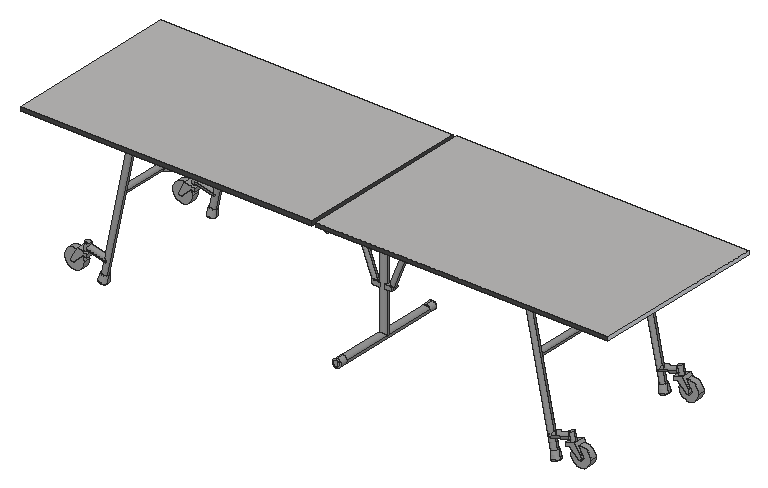
Revit family "23M Rect. 10 Long x 29 High", category Furniture, Revit 2016
Family settings
  OmniClass Number = 23.40.20.00
  OmniClass Title = General Furniture and Specialties
  Work Plane-Based = No
  Always vertical = Yes
  Cut with Voids When Loaded = No
  Shared = No
  Room Calculation Point = No
Parameters (values of type "23M15293610")
  Width = 3' - 0"
  Top [instance] = Palmer Hamilton Lt Gry
  Open [instance] = yes
  Model = "23M15293610"
  Length = 5' - 0"
  Frame [instance] = Palmer Hamilton - Frame
  Edge [instance] = Palmer Hamilton - Edge
  Closed [instance] = not(Open)  # no
Reference planes (in)
  plane 1 "Center Front/Back": y = 0
  plane 2: z = 0
  plane 3 "Center Left/Right": x = 0
  plane 4: x = -63.24988
Forms (in)
  Extrusion 1, solid, visible <- "Open"
    sketch origin (0, 0, 0) x (1, 0, 0) y (0, 1, 0)
      loop
        line (-60, 18) -> (-60, -18) -> (-0.375, -18) -> (-0.375, 18) -> (-60, 18)
    from 28.46537 to 29.28037
  Extrusion 2, solid, material "Palmer Hamilton - Frame" <- "Frame", visible <- "Open"
    sketch origin (0, 0, 0) x (1, 0, 0) y (0, 1, 0)
      loop
        line (-1, 14.5647) -> (-46, 14.5647) -> (-46, 14.4397) -> (-1, 14.4397) -> (-1, 14.5647)
      loop
        line (-1, -14.5647) -> (-1, -14.4397) -> (-46, -14.4397) -> (-46, -14.5647) -> (-1, -14.5647)
      loop
        line (-1, -2.9406) -> (-1, -2.8156) -> (-11.25, -2.8156) -> (-11.25, -2.9406) -> (-1, -2.9406)
      loop
        line (-11.25, 2.6994) -> (-11.25, 2.5744) -> (-1, 2.5744) -> (-1, 2.6994) -> (-11.25, 2.6994)
    from 26.71537 to 28.46537
  Extrusion 3, solid, material "Palmer Hamilton - Frame" <- "Frame", visible <- "Open"
    sketch origin (0, 0, 2) x (1, 0, 0) y (0, 0, 1)
      loop
        line (-1, 25.71687) -> (-1, 26.41783) -> (-2.2141, 26.41783) -> (-2.2141, 24.66783) -> (-1.68301, 24.66783) -> (-0.3125, 23.87657)
        arc (-0.3125, 23.87657) -> (0.54127, 24.10533) -> (0.3125, 24.9591) r 0.625
        line (0.3125, 24.9591) -> (-1, 25.71687)
    from 14.5647 to 14.6547
  Extrusion 4, solid, material "Palmer Hamilton - Frame" <- "Frame", visible <- "Open"
    sketch origin (0, 0, 2) x (1, 0, 0) y (0, 0, 1)
      loop
        line (-1, 25.71687) -> (-1, 26.41783) -> (-2.2141, 26.41783) -> (-2.2141, 24.66783) -> (-1.68301, 24.66783) -> (-0.3125, 23.87657)
        arc (-0.3125, 23.87657) -> (0.54127, 24.10533) -> (0.3125, 24.9591) r 0.625
        line (0.3125, 24.9591) -> (-1, 25.71687)
    from -14.4397 to -14.2345
  Extrusion 5, solid, material "Palmer Hamilton - Frame" <- "Frame", visible <- "Open"
    sketch origin (-9.0168, -1.84334, -5.25839) x (0.97817, 0, -0.207805) y (0, 1, 0)
      loop
        circle (-37.61218, -11.99504) r 0.625
    from -0.70646 to 25.54283
  Extrusion 6, solid, material "Palmer Hamilton - Frame" <- "Frame", visible <- "Open"
    sketch origin (-14.19545, -1.84334, -7.59113) x (0.96853, 0, -0.248899) y (0, 1, 0)
      loop
        circle (-37.61218, -11.99504) r 0.5
    from 3.24005 to 4.80312
  Extrusion 7, solid, material "Palmer Hamilton - Frame" <- "Frame", visible <- "Open"
    sketch origin (-6.74072, -1.84334, -8.39066) x (0, 1, 0) y (0.248899, 0, 0.96853)
      loop
        circle (-11.99504, 2.93123) r 0.625
    from -44.60154 to -40.56576
  Extrusion 8, solid, material "Palmer Hamilton - Steel", visible <- "Open"
    sketch origin (0, 0, 0) x (1, 0, 0) y (0, 0, 1)
      loop
        line (-52.03289, 3.19045) -> (-52.13109, 2.60323)
        arc (-52.13109, 2.60323) -> (-52.09644, 2.45601) -> (-51.96719, 2.37748) r 0.19565
        line (-51.96719, 2.37748) -> (-51.66391, 2.3319) -> (-49.7575, 4.11073) -> (-49.03037, 4.04579) -> (-48.86921, 4.64752) -> (-50.88816, 5.18826) -> (-52.03289, 3.19045)
    from 12.75797 to 14.81873
  Extrusion 9, solid, material "Palmer Hamilton - Caster", visible <- "Open"
    sketch origin (0, 0, 0) x (1, 0, 0) y (0, 0, 1)
      loop
        circle (-51.73769, 2.82768) r 2
    from 13.19373 to 14.44373
  Revolve 10, solid, material "Palmer Hamilton - Caster", visible <- "Open"
    sketch origin (-0.41094, -13.81873, 0.10396) x (1, 0, 0) y (0, 0, 1)
      loop
        line (-45.5482, 1.78014) -> (-46.23778, 1.92672) -> (-46.75081, 0.51718)
        arc (-46.75081, 0.51718) -> (-46.74816, 0.39542) -> (-46.66395, 0.30744) r 0.16803
        line (-46.66395, 0.30744) -> (-45.89593, 0.14419) -> (-45.5482, 1.78014)
      axis (-45.5482, 1.78014) -> (-45.89593, 0.14419)
    angle from 0 to 360
  Extrusion 11, solid, material "Palmer Hamilton - Frame" <- "Frame", visible <- "Open"
    sketch origin (-9.0168, 1.84334, -5.25839) x (0.97817, 0, -0.207805) y (0, 1, 0)
      loop
        circle (-37.61218, 11.99504) r 0.625
    from -0.70646 to 25.54283
  Extrusion 12, solid, material "Palmer Hamilton - Frame" <- "Frame", visible <- "Open"
    sketch origin (-14.19545, 1.84334, -7.59113) x (0.96853, 0, -0.248899) y (0, 1, 0)
      loop
        circle (-37.61218, 11.99504) r 0.5
    from 3.24005 to 4.80312
  Extrusion 13, solid, material "Palmer Hamilton - Frame" <- "Frame", visible <- "Open"
    sketch origin (-6.74072, 1.84334, -8.39066) x (0, -1, 0) y (-0.248899, 0, -0.96853)
      loop
        circle (-11.99504, -2.93123) r 0.625
    from -44.60154 to -40.56576
  Extrusion 14, solid, material "Palmer Hamilton - Steel", visible <- "Open"
    sketch origin (0, 0, 0) x (1, 0, 0) y (0, 0, -1)
      loop
        line (-52.03289, -3.19045) -> (-50.88816, -5.18826) -> (-48.86921, -4.64752) -> (-49.03037, -4.04579) -> (-49.7575, -4.11073) -> (-51.66391, -2.3319) -> (-51.96719, -2.37748)
        arc (-51.96719, -2.37748) -> (-52.09644, -2.45601) -> (-52.13109, -2.60323) r 0.19565
        line (-52.13109, -2.60323) -> (-52.03289, -3.19045)
    from 12.75797 to 14.81873
  Extrusion 15, solid, material "Palmer Hamilton - Caster", visible <- "Open"
    sketch origin (0, 0, 0) x (1, 0, 0) y (0, 0, -1)
      loop
        circle (-51.73769, -2.82768) r 2
    from 13.19373 to 14.44373
  Revolve 16, solid, material "Palmer Hamilton - Caster", visible <- "Open"
    sketch origin (-0.41094, 13.81873, 0.10396) x (1, 0, 0) y (0, 0, -1)
      loop
        line (-45.5482, -1.78014) -> (-45.89593, -0.14419) -> (-46.66395, -0.30744)
        arc (-46.66395, -0.30744) -> (-46.74816, -0.39542) -> (-46.75081, -0.51718) r 0.16803
        line (-46.75081, -0.51718) -> (-46.23778, -1.92672) -> (-45.5482, -1.78014)
      axis (-45.5482, -1.78014) -> (-45.89593, -0.14419)
    angle from 0 to 360
  Extrusion 17, solid, material "Palmer Hamilton - Frame" <- "Frame", visible <- "Open"
    sketch origin (0, 0, 2) x (1, 0, 0) y (0, 0, 1)
      loop
        circle (-42.48052, 16.22033) r 0.625
    from -13.80887 to 13.79175
  Extrusion 18, solid, material "Palmer Hamilton - Frame" <- "Frame", visible <- "Open"
    sketch origin (0, 0, -0.05827) x (1, 0, 0) y (0, 0, 1)
      loop
        circle (0, 0.81533) r 0.75
    from -10.64625 to 10.58375
  Revolve 19, solid, material "Palmer Hamilton - Caster", visible <- "Open"
    sketch origin (0, 0, 0) x (0, 1, 0) y (0, 0, 1)
      loop
        arc (-12.1243, 1.60492) -> (-12.21555, 1.56995) -> (-12.25375, 1.48) r 0.125
        line (-12.25375, 1.48) -> (-12.25375, 0.77853) -> (-10.58375, 0.77853) -> (-10.58375, 1.55) -> (-12.1243, 1.60492)
      axis (-10.58375, 0.77853) -> (-12.25375, 0.77853)
    angle from 0 to 360
  Revolve 20, solid, material "Palmer Hamilton - Caster", visible <- "Open"
    sketch origin (0, 0, 0) x (0, -1, 0) y (0, 0, 1)
      loop
        arc (-12.1243, 1.60492) -> (-12.21555, 1.56995) -> (-12.25375, 1.48) r 0.125
        line (-12.25375, 1.48) -> (-12.25375, 0.77853) -> (-10.58375, 0.77853) -> (-10.58375, 1.55) -> (-12.1243, 1.60492)
      axis (-10.58375, 0.77853) -> (-12.25375, 0.77853)
    angle from 0 to 360
  Extrusion 21, solid, material "Palmer Hamilton - Frame" <- "Frame", visible <- "Open"
    sketch origin (8.36945, 0, 6.71942) x (0.931065, 0, 0.364854) y (0, 1, 0)
      loop
        circle (-8.10904, 0) r 0.5
    from 6.40638 to 25.54283
  Extrusion 22, solid, material "Palmer Hamilton - Frame" <- "Frame", visible <- "Open"
    sketch origin (0, 0, 2) x (1, 0, 0) y (0, 0, 1)
      loop
        arc (-1.632, 8.5165) -> (-2.132, 8.0165) -> (-1.632, 7.5165) r 0.5
        line (-1.632, 7.5165) -> (1.632, 7.5165)
        arc (1.632, 7.5165) -> (2.132, 8.0165) -> (1.632, 8.5165) r 0.5
        line (1.632, 8.5165) -> (-1.632, 8.5165)
    from -0.69625 to 0.63375
  Extrusion 23, solid, material "Palmer Hamilton - Frame" <- "Frame", visible <- "Open"
    sketch origin (0, 0, 2) x (1, 0, 0) y (0, 0, 1)
      loop
        arc (-40.07379, 16.44822) -> (-39.75284, 17.07829) -> (-40.38291, 17.39924) r 0.5
        line (-40.38291, 17.39924) -> (-42.23788, 16.7963) -> (-41.9787, 15.82905) -> (-40.07379, 16.44822)
    from 2.89343 to 4.17468
  Sweep 24, solid, material "Palmer Hamilton - Frame" <- "Frame", visible <- "Open"
    path origin (0, -3.5, 2) x (1, 0, 0) y (0, 0, 1)
      loop
        line (-40.62585, 16.75973) -> (-30.42494, 20.96849)
        arc (-30.42494, 20.96849) -> (-30.05317, 21.09411) -> (-29.66819, 21.17014) r 3
        line (-29.66819, 21.17014) -> (-1.24287, 24.87225)
    profile origin (-35.52539, -3.5, 20.86411) x (-0.3814, 0, 0.92441) y (0, -1, 0)
      loop
        circle (0.00202, 0) r 0.5
  Extrusion 25, solid, material "Palmer Hamilton - Frame" <- "Frame", visible <- "Open"
    sketch origin (0, 0, 0) x (-1, 0, 0) y (0, -1, 0)
      loop
        circle (0, 0) r 0.75
    from 0.78805 to 27.54283
  Extrusion 26, solid, material "Palmer Hamilton - Frame" <- "Frame", visible <- "Open"
    sketch origin (0, 0, 0) x (1, 0, 0) y (0, 1, 0)
      loop
        circle (0, 0) r 0.75
    from 0.78805 to 27.54283
  Extrusion 27, solid, material "Palmer Hamilton - Frame" <- "Frame", visible <- "Closed"
    sketch origin (25.70501, 0, 61.81588) x (0.235142, 0, 0.971961) y (0, 1, 0)
      loop
        line (-1, 14.5647) -> (-46, 14.5647) -> (-46, 14.4397) -> (-1, 14.4397) -> (-1, 14.5647)
      loop
        line (-1, -14.5647) -> (-1, -14.4397) -> (-46, -14.4397) -> (-46, -14.5647) -> (-1, -14.5647)
      loop
        line (-1, -2.9406) -> (-1, -2.8156) -> (-11.25, -2.8156) -> (-11.25, -2.9406) -> (-1, -2.9406)
      loop
        line (-11.25, 2.6994) -> (-11.25, 2.5744) -> (-1, 2.5744) -> (-1, 2.6994) -> (-11.25, 2.6994)
    from 26.71537 to 28.46537
  Extrusion 28, solid, material "Palmer Hamilton - Frame" <- "Frame", visible <- "Closed"
    sketch origin (23.76109, 0, 62.28616) x (0.235142, 0, 0.971961) y (-0.971961, 0, 0.235142)
      loop
        line (-1, 25.71687) -> (-1, 26.41783) -> (-2.2141, 26.41783) -> (-2.2141, 24.66783) -> (-1.68301, 24.66783) -> (-0.3125, 23.87657)
        arc (-0.3125, 23.87657) -> (0.54127, 24.10533) -> (0.3125, 24.9591) r 0.625
        line (0.3125, 24.9591) -> (-1, 25.71687)
    from 14.5647 to 14.6547
  Extrusion 29, solid, material "Palmer Hamilton - Frame" <- "Frame", visible <- "Closed"
    sketch origin (23.76109, 0, 62.28616) x (0.235142, 0, 0.971961) y (-0.971961, 0, 0.235142)
      loop
        line (-1, 25.71687) -> (-1, 26.41783) -> (-2.2141, 26.41783) -> (-2.2141, 24.66783) -> (-1.68301, 24.66783) -> (-0.3125, 23.87657)
        arc (-0.3125, 23.87657) -> (0.54127, 24.10533) -> (0.3125, 24.9591) r 0.625
        line (0.3125, 24.9591) -> (-1, 25.71687)
    from -14.4397 to -14.2345
  Extrusion 30, solid, material "Palmer Hamilton - Frame" <- "Frame", visible <- "Closed"
    sketch origin (0, 0, 30.00557) x (1, 0, 0) y (0, 0, 1)
      loop
        circle (0, 0.81533) r 0.75
    from -10.64625 to 10.58375
  Revolve 31, solid, material "Palmer Hamilton - Caster", visible <- "Closed"
    sketch origin (0, 0, 30.06384) x (0, 1, 0) y (0, 0, 1)
      loop
        arc (-12.1243, 1.60492) -> (-12.21555, 1.56995) -> (-12.25375, 1.48) r 0.125
        line (-12.25375, 1.48) -> (-12.25375, 0.77853) -> (-10.58375, 0.77853) -> (-10.58375, 1.55) -> (-12.1243, 1.60492)
      axis (-10.58375, 0.77853) -> (-12.25375, 0.77853)
    angle from 0 to 360
  Revolve 32, solid, material "Palmer Hamilton - Caster", visible <- "Closed"
    sketch origin (0, 0, 30.06384) x (0, -1, 0) y (0, 0, 1)
      loop
        arc (-12.1243, 1.60492) -> (-12.21555, 1.56995) -> (-12.25375, 1.48) r 0.125
        line (-12.25375, 1.48) -> (-12.25375, 0.77853) -> (-10.58375, 0.77853) -> (-10.58375, 1.55) -> (-12.1243, 1.60492)
      axis (-10.58375, 0.77853) -> (-12.25375, 0.77853)
    angle from 0 to 360
  Extrusion 33, solid, material "Palmer Hamilton - Frame" <- "Frame", visible <- "Closed"
    sketch origin (7.03928, 0, 34.13868) x (0.995811, 0, 0.091431) y (0, 1, 0)
      loop
        circle (-8.10904, 0) r 0.5
    from 6.40638 to 25.54283
  Extrusion 34, solid, material "Palmer Hamilton - Frame" <- "Frame", visible <- "Closed"
    sketch origin (0, 0, 32.06384) x (1, 0, 0) y (0, 0, 1)
      loop
        arc (-1.632, 8.5165) -> (-2.132, 8.0165) -> (-1.632, 7.5165) r 0.5
        line (-1.632, 7.5165) -> (1.632, 7.5165)
        arc (1.632, 7.5165) -> (2.132, 8.0165) -> (1.632, 8.5165) r 0.5
        line (1.632, 8.5165) -> (-1.632, 8.5165)
    from -0.69625 to 0.63375
  Extrusion 35, solid, material "Palmer Hamilton - Frame" <- "Frame", visible <- "Closed"
    sketch origin (0, 0, 0) x (1, 0, 0) y (0, 1, 0)
      loop
        circle (0, 0) r 0.75
    from 30.83233 to 68.23034
  Extrusion 36, solid, material "Palmer Hamilton - Frame" <- "Frame", visible <- "Closed"
    sketch origin (28.34292, -1.84334, 5.57956) x (0.998157, 0, 0.060685) y (0, 1, 0)
      loop
        circle (-37.61218, -11.99504) r 0.625
    from -0.70646 to 25.54283
  Extrusion 37, solid, material "Palmer Hamilton - Frame" <- "Frame", visible <- "Closed"
    sketch origin (23.97429, -1.84334, 1.9498) x (0.999829, 0, 0.018508) y (0, 1, 0)
      loop
        circle (-37.61218, -11.99504) r 0.5
    from 3.24005 to 4.80312
  Extrusion 38, solid, material "Palmer Hamilton - Frame" <- "Frame", visible <- "Closed"
    sketch origin (31.37214, -1.84334, 3.16804) x (0, 1, 0) y (-0.018508, 0, 0.999829)
      loop
        circle (-11.99504, 2.93123) r 0.625
    from -44.60154 to -40.56576
  Extrusion 39, solid, material "Palmer Hamilton - Steel", visible <- "Closed"
    sketch origin (35.63008, 0, 13.05289) x (0.963757, 0, 0.266782) y (-0.266782, 0, 0.963757)
      loop
        line (-52.03289, 3.19045) -> (-52.13109, 2.60323)
        arc (-52.13109, 2.60323) -> (-52.09644, 2.45601) -> (-51.96719, 2.37748) r 0.19565
        line (-51.96719, 2.37748) -> (-51.66391, 2.3319) -> (-49.7575, 4.11073) -> (-49.03037, 4.04579) -> (-48.86921, 4.64752) -> (-50.88816, 5.18826) -> (-52.03289, 3.19045)
    from 12.75797 to 14.81873
  Extrusion 40, solid, material "Palmer Hamilton - Caster", visible <- "Closed"
    sketch origin (35.63008, 0, 13.05289) x (0.963757, 0, 0.266782) y (-0.266782, 0, 0.963757)
      loop
        circle (-51.73769, 2.82768) r 2
    from 13.19373 to 14.44373
  Revolve 41, solid, material "Palmer Hamilton - Caster", visible <- "Closed"
    sketch origin (35.2063, -13.81873, 13.04345) x (0.963757, 0, 0.266782) y (-0.266782, 0, 0.963757)
      loop
        line (-45.5482, 1.78014) -> (-46.23778, 1.92672) -> (-46.75081, 0.51718)
        arc (-46.75081, 0.51718) -> (-46.74816, 0.39542) -> (-46.66395, 0.30744) r 0.16803
        line (-46.66395, 0.30744) -> (-45.89593, 0.14419) -> (-45.5482, 1.78014)
      axis (-45.5482, 1.78014) -> (-45.89593, 0.14419)
    angle from 0 to 360
  Extrusion 42, solid, material "Palmer Hamilton - Frame" <- "Frame", visible <- "Closed"
    sketch origin (28.34292, 1.84334, 5.57956) x (0.998157, 0, 0.060685) y (0, 1, 0)
      loop
        circle (-37.61218, 11.99504) r 0.625
    from -0.70646 to 25.54283
  Extrusion 43, solid, material "Palmer Hamilton - Frame" <- "Frame", visible <- "Closed"
    sketch origin (23.97429, 1.84334, 1.9498) x (0.999829, 0, 0.018508) y (0, 1, 0)
      loop
        circle (-37.61218, 11.99504) r 0.5
    from 3.24005 to 4.80312
  Extrusion 44, solid, material "Palmer Hamilton - Frame" <- "Frame", visible <- "Closed"
    sketch origin (31.37214, 1.84334, 3.16804) x (0, -1, 0) y (0.018508, 0, -0.999829)
      loop
        circle (-11.99504, -2.93123) r 0.625
    from -44.60154 to -40.56576
  Extrusion 45, solid, material "Palmer Hamilton - Steel", visible <- "Closed"
    sketch origin (35.63008, 0, 13.05289) x (0.963757, 0, 0.266782) y (0.266782, 0, -0.963757)
      loop
        line (-52.03289, -3.19045) -> (-50.88816, -5.18826) -> (-48.86921, -4.64752) -> (-49.03037, -4.04579) -> (-49.7575, -4.11073) -> (-51.66391, -2.3319) -> (-51.96719, -2.37748)
        arc (-51.96719, -2.37748) -> (-52.09644, -2.45601) -> (-52.13109, -2.60323) r 0.19565
        line (-52.13109, -2.60323) -> (-52.03289, -3.19045)
    from 12.75797 to 14.81873
  Extrusion 46, solid, material "Palmer Hamilton - Caster", visible <- "Closed"
    sketch origin (35.63008, 0, 13.05289) x (0.963757, 0, 0.266782) y (0.266782, 0, -0.963757)
      loop
        circle (-51.73769, -2.82768) r 2
    from 13.19373 to 14.44373
  Revolve 47, solid, material "Palmer Hamilton - Caster", visible <- "Closed"
    sketch origin (35.2063, 13.81873, 13.04345) x (0.963757, 0, 0.266782) y (0.266782, 0, -0.963757)
      loop
        line (-45.5482, -1.78014) -> (-45.89593, -0.14419) -> (-46.66395, -0.30744)
        arc (-46.66395, -0.30744) -> (-46.74816, -0.39542) -> (-46.75081, -0.51718) r 0.16803
        line (-46.75081, -0.51718) -> (-46.23778, -1.92672) -> (-45.5482, -1.78014)
      axis (-45.5482, -1.78014) -> (-45.89593, -0.14419)
    angle from 0 to 360
  Extrusion 48, solid, material "Palmer Hamilton - Frame" <- "Frame", visible <- "Closed"
    sketch origin (35.09652, 0, 14.98041) x (0.963757, 0, 0.266782) y (-0.266782, 0, 0.963757)
      loop
        circle (-42.48052, 16.22033) r 0.625
    from -13.80887 to 13.79175
  Extrusion 49, solid, material "Palmer Hamilton - Frame" <- "Frame", visible <- "Closed"
    sketch origin (35.09652, 0, 14.98041) x (0.963757, 0, 0.266782) y (-0.266782, 0, 0.963757)
      loop
        arc (-40.07379, 16.44822) -> (-39.75284, 17.07829) -> (-40.38291, 17.39924) r 0.5
        line (-40.38291, 17.39924) -> (-42.23788, 16.7963) -> (-41.9787, 15.82905) -> (-40.07379, 16.44822)
    from 2.89343 to 4.17468
  Sweep 50, solid, material "Palmer Hamilton - Frame" <- "Frame", visible <- "Closed"
    path origin (0, 0, 0) x (1, 0, 0) y (0, 0, 1)
      loop
        line (-8.11317, 20.18207) -> (-7.79998, 31.21266)
        arc (-7.79998, 31.21266) -> (-7.76321, 31.60335) -> (-7.67576, 31.9859) r 3
        line (-7.67576, 31.9859) -> (1.26904, 61.94034)
    profile origin (-7.95658, 0, 25.69736) x (-0.999597, 0, 0.028381) y (0, -1, 0)
      loop
        circle (0, 3.53405) r 0.5
  Extrusion 51, solid, visible <- "Open"
    sketch origin (0, 0, 0) x (-1, 0, 0) y (0, -1, 0)
      loop
        line (-60, 18) -> (-60, -18) -> (-0.375, -18) -> (-0.375, 18) -> (-60, 18)
    from 28.46537 to 29.28037
  Extrusion 52, solid, material "Palmer Hamilton - Frame" <- "Frame", visible <- "Open"
    sketch origin (0, 0, 0) x (-1, 0, 0) y (0, -1, 0)
      loop
        line (-1, 14.5647) -> (-46, 14.5647) -> (-46, 14.4397) -> (-1, 14.4397) -> (-1, 14.5647)
      loop
        line (-1, -14.5647) -> (-1, -14.4397) -> (-46, -14.4397) -> (-46, -14.5647) -> (-1, -14.5647)
      loop
        line (-1, -2.9406) -> (-1, -2.8156) -> (-11.25, -2.8156) -> (-11.25, -2.9406) -> (-1, -2.9406)
      loop
        line (-11.25, 2.6994) -> (-11.25, 2.5744) -> (-1, 2.5744) -> (-1, 2.6994) -> (-11.25, 2.6994)
    from 26.71537 to 28.46537
  Extrusion 53, solid, material "Palmer Hamilton - Frame" <- "Frame", visible <- "Open"
    sketch origin (0, 0, 2) x (-1, 0, 0) y (0, 0, 1)
      loop
        line (-1, 25.71687) -> (-1, 26.41783) -> (-2.2141, 26.41783) -> (-2.2141, 24.66783) -> (-1.68301, 24.66783) -> (-0.3125, 23.87657)
        arc (-0.3125, 23.87657) -> (0.54127, 24.10533) -> (0.3125, 24.9591) r 0.625
        line (0.3125, 24.9591) -> (-1, 25.71687)
    from 14.5647 to 14.6547
  Extrusion 54, solid, material "Palmer Hamilton - Frame" <- "Frame", visible <- "Open"
    sketch origin (0, 0, 2) x (-1, 0, 0) y (0, 0, 1)
      loop
        line (-1, 25.71687) -> (-1, 26.41783) -> (-2.2141, 26.41783) -> (-2.2141, 24.66783) -> (-1.68301, 24.66783) -> (-0.3125, 23.87657)
        arc (-0.3125, 23.87657) -> (0.54127, 24.10533) -> (0.3125, 24.9591) r 0.625
        line (0.3125, 24.9591) -> (-1, 25.71687)
    from -14.4397 to -14.2345
  Extrusion 55, solid, material "Palmer Hamilton - Frame" <- "Frame", visible <- "Open"
    sketch origin (9.0168, 1.84334, -5.25839) x (-0.97817, 0, -0.207805) y (0, -1, 0)
      loop
        circle (-37.61218, -11.99504) r 0.625
    from -0.70646 to 25.54283
  Extrusion 56, solid, material "Palmer Hamilton - Frame" <- "Frame", visible <- "Open"
    sketch origin (14.19545, 1.84334, -7.59113) x (-0.96853, 0, -0.248899) y (0, -1, 0)
      loop
        circle (-37.61218, -11.99504) r 0.5
    from 3.24005 to 4.80312
  Extrusion 57, solid, material "Palmer Hamilton - Frame" <- "Frame", visible <- "Open"
    sketch origin (6.74072, 1.84334, -8.39066) x (0, -1, 0) y (-0.248899, 0, 0.96853)
      loop
        circle (-11.99504, 2.93123) r 0.625
    from -44.60154 to -40.56576
  Extrusion 58, solid, material "Palmer Hamilton - Steel", visible <- "Open"
    sketch origin (0, 0, 0) x (-1, 0, 0) y (0, 0, 1)
      loop
        line (-52.03289, 3.19045) -> (-52.13109, 2.60323)
        arc (-52.13109, 2.60323) -> (-52.09644, 2.45601) -> (-51.96719, 2.37748) r 0.19565
        line (-51.96719, 2.37748) -> (-51.66391, 2.3319) -> (-49.7575, 4.11073) -> (-49.03037, 4.04579) -> (-48.86921, 4.64752) -> (-50.88816, 5.18826) -> (-52.03289, 3.19045)
    from 12.75797 to 14.81873
  Extrusion 59, solid, material "Palmer Hamilton - Caster", visible <- "Open"
    sketch origin (0, 0, 0) x (-1, 0, 0) y (0, 0, 1)
      loop
        circle (-51.73769, 2.82768) r 2
    from 13.19373 to 14.44373
  Revolve 60, solid, material "Palmer Hamilton - Caster", visible <- "Open"
    sketch origin (0.41094, 13.81873, 0.10396) x (-1, 0, 0) y (0, 0, 1)
      loop
        line (-45.5482, 1.78014) -> (-46.23778, 1.92672) -> (-46.75081, 0.51718)
        arc (-46.75081, 0.51718) -> (-46.74816, 0.39542) -> (-46.66395, 0.30744) r 0.16803
        line (-46.66395, 0.30744) -> (-45.89593, 0.14419) -> (-45.5482, 1.78014)
      axis (-45.5482, 1.78014) -> (-45.89593, 0.14419)
    angle from 0 to 360
  Extrusion 61, solid, material "Palmer Hamilton - Frame" <- "Frame", visible <- "Open"
    sketch origin (9.0168, -1.84334, -5.25839) x (-0.97817, 0, -0.207805) y (0, -1, 0)
      loop
        circle (-37.61218, 11.99504) r 0.625
    from -0.70646 to 25.54283
  Extrusion 62, solid, material "Palmer Hamilton - Frame" <- "Frame", visible <- "Open"
    sketch origin (14.19545, -1.84334, -7.59113) x (-0.96853, 0, -0.248899) y (0, -1, 0)
      loop
        circle (-37.61218, 11.99504) r 0.5
    from 3.24005 to 4.80312
  Extrusion 63, solid, material "Palmer Hamilton - Frame" <- "Frame", visible <- "Open"
    sketch origin (6.74072, -1.84334, -8.39066) x (0, 1, 0) y (0.248899, 0, -0.96853)
      loop
        circle (-11.99504, -2.93123) r 0.625
    from -44.60154 to -40.56576
  Extrusion 64, solid, material "Palmer Hamilton - Steel", visible <- "Open"
    sketch origin (0, 0, 0) x (-1, 0, 0) y (0, 0, -1)
      loop
        line (-52.03289, -3.19045) -> (-50.88816, -5.18826) -> (-48.86921, -4.64752) -> (-49.03037, -4.04579) -> (-49.7575, -4.11073) -> (-51.66391, -2.3319) -> (-51.96719, -2.37748)
        arc (-51.96719, -2.37748) -> (-52.09644, -2.45601) -> (-52.13109, -2.60323) r 0.19565
        line (-52.13109, -2.60323) -> (-52.03289, -3.19045)
    from 12.75797 to 14.81873
  Extrusion 65, solid, material "Palmer Hamilton - Caster", visible <- "Open"
    sketch origin (0, 0, 0) x (-1, 0, 0) y (0, 0, -1)
      loop
        circle (-51.73769, -2.82768) r 2
    from 13.19373 to 14.44373
  Revolve 66, solid, material "Palmer Hamilton - Caster", visible <- "Open"
    sketch origin (0.41094, -13.81873, 0.10396) x (-1, 0, 0) y (0, 0, -1)
      loop
        line (-45.5482, -1.78014) -> (-45.89593, -0.14419) -> (-46.66395, -0.30744)
        arc (-46.66395, -0.30744) -> (-46.74816, -0.39542) -> (-46.75081, -0.51718) r 0.16803
        line (-46.75081, -0.51718) -> (-46.23778, -1.92672) -> (-45.5482, -1.78014)
      axis (-45.5482, -1.78014) -> (-45.89593, -0.14419)
    angle from 0 to 360
  Extrusion 67, solid, material "Palmer Hamilton - Frame" <- "Frame", visible <- "Open"
    sketch origin (0, 0, 2) x (-1, 0, 0) y (0, 0, 1)
      loop
        circle (-42.48052, 16.22033) r 0.625
    from -13.80887 to 13.79175
  Extrusion 68, solid, material "Palmer Hamilton - Frame" <- "Frame", visible <- "Open"
    sketch origin (-8.36945, 0, 6.71942) x (-0.931065, 0, 0.364854) y (0, -1, 0)
      loop
        circle (-8.10904, 0) r 0.5
    from 6.40638 to 25.54283
  Extrusion 69, solid, material "Palmer Hamilton - Frame" <- "Frame", visible <- "Open"
    sketch origin (0, 0, 2) x (-1, 0, 0) y (0, 0, 1)
      loop
        arc (-40.07379, 16.44822) -> (-39.75284, 17.07829) -> (-40.38291, 17.39924) r 0.5
        line (-40.38291, 17.39924) -> (-42.23788, 16.7963) -> (-41.9787, 15.82905) -> (-40.07379, 16.44822)
    from 2.89343 to 4.17468
  Sweep 70, solid, material "Palmer Hamilton - Frame" <- "Frame", visible <- "Open"
    path origin (0, 3.5, 2) x (-1, 0, 0) y (0, 0, 1)
      loop
        line (-40.62585, 16.75973) -> (-30.42494, 20.96849)
        arc (-30.42494, 20.96849) -> (-30.05317, 21.09411) -> (-29.66819, 21.17014) r 3
        line (-29.66819, 21.17014) -> (-1.24287, 24.87225)
    profile origin (35.52539, 3.5, 20.86411) x (0.3814, 0, 0.92441) y (0, 1, 0)
      loop
        circle (0.00202, 0) r 0.5
  Extrusion 71, solid, material "Palmer Hamilton - Frame" <- "Frame", visible <- "Closed"
    sketch origin (-25.70501, 0, 61.81588) x (-0.235142, 0, 0.971961) y (0, -1, 0)
      loop
        line (-1, 14.5647) -> (-46, 14.5647) -> (-46, 14.4397) -> (-1, 14.4397) -> (-1, 14.5647)
      loop
        line (-1, -14.5647) -> (-1, -14.4397) -> (-46, -14.4397) -> (-46, -14.5647) -> (-1, -14.5647)
      loop
        line (-1, -2.9406) -> (-1, -2.8156) -> (-11.25, -2.8156) -> (-11.25, -2.9406) -> (-1, -2.9406)
      loop
        line (-11.25, 2.6994) -> (-11.25, 2.5744) -> (-1, 2.5744) -> (-1, 2.6994) -> (-11.25, 2.6994)
    from 26.71537 to 28.46537
  Extrusion 72, solid, material "Palmer Hamilton - Frame" <- "Frame", visible <- "Closed"
    sketch origin (-23.76109, 0, 62.28616) x (-0.235142, 0, 0.971961) y (0.971961, 0, 0.235142)
      loop
        line (-1, 25.71687) -> (-1, 26.41783) -> (-2.2141, 26.41783) -> (-2.2141, 24.66783) -> (-1.68301, 24.66783) -> (-0.3125, 23.87657)
        arc (-0.3125, 23.87657) -> (0.54127, 24.10533) -> (0.3125, 24.9591) r 0.625
        line (0.3125, 24.9591) -> (-1, 25.71687)
    from 14.5647 to 14.6547
  Extrusion 73, solid, material "Palmer Hamilton - Frame" <- "Frame", visible <- "Closed"
    sketch origin (-23.76109, 0, 62.28616) x (-0.235142, 0, 0.971961) y (0.971961, 0, 0.235142)
      loop
        line (-1, 25.71687) -> (-1, 26.41783) -> (-2.2141, 26.41783) -> (-2.2141, 24.66783) -> (-1.68301, 24.66783) -> (-0.3125, 23.87657)
        arc (-0.3125, 23.87657) -> (0.54127, 24.10533) -> (0.3125, 24.9591) r 0.625
        line (0.3125, 24.9591) -> (-1, 25.71687)
    from -14.4397 to -14.2345
  Extrusion 74, solid, material "Palmer Hamilton - Frame" <- "Frame", visible <- "Closed"
    sketch origin (-7.03928, 0, 34.13868) x (-0.995811, 0, 0.091431) y (0, -1, 0)
      loop
        circle (-8.10904, 0) r 0.5
    from 6.40638 to 25.54283
  Extrusion 75, solid, material "Palmer Hamilton - Frame" <- "Frame", visible <- "Closed"
    sketch origin (-28.34292, 1.84334, 5.57956) x (-0.998157, 0, 0.060685) y (0, -1, 0)
      loop
        circle (-37.61218, -11.99504) r 0.625
    from -0.70646 to 25.54283
  Extrusion 76, solid, material "Palmer Hamilton - Frame" <- "Frame", visible <- "Closed"
    sketch origin (-23.97429, 1.84334, 1.9498) x (-0.999829, 0, 0.018508) y (0, -1, 0)
      loop
        circle (-37.61218, -11.99504) r 0.5
    from 3.24005 to 4.80312
  Extrusion 77, solid, material "Palmer Hamilton - Frame" <- "Frame", visible <- "Closed"
    sketch origin (-31.37214, 1.84334, 3.16804) x (0, -1, 0) y (0.018508, 0, 0.999829)
      loop
        circle (-11.99504, 2.93123) r 0.625
    from -44.60154 to -40.56576
  Extrusion 78, solid, material "Palmer Hamilton - Steel", visible <- "Closed"
    sketch origin (-35.63008, 0, 13.05289) x (-0.963757, 0, 0.266782) y (0.266782, 0, 0.963757)
      loop
        line (-52.03289, 3.19045) -> (-52.13109, 2.60323)
        arc (-52.13109, 2.60323) -> (-52.09644, 2.45601) -> (-51.96719, 2.37748) r 0.19565
        line (-51.96719, 2.37748) -> (-51.66391, 2.3319) -> (-49.7575, 4.11073) -> (-49.03037, 4.04579) -> (-48.86921, 4.64752) -> (-50.88816, 5.18826) -> (-52.03289, 3.19045)
    from 12.75797 to 14.81873
  Extrusion 79, solid, material "Palmer Hamilton - Caster", visible <- "Closed"
    sketch origin (-35.63008, 0, 13.05289) x (-0.963757, 0, 0.266782) y (0.266782, 0, 0.963757)
      loop
        circle (-51.73769, 2.82768) r 2
    from 13.19373 to 14.44373
  Revolve 80, solid, material "Palmer Hamilton - Caster", visible <- "Closed"
    sketch origin (-35.2063, 13.81873, 13.04345) x (-0.963757, 0, 0.266782) y (0.266782, 0, 0.963757)
      loop
        line (-45.5482, 1.78014) -> (-46.23778, 1.92672) -> (-46.75081, 0.51718)
        arc (-46.75081, 0.51718) -> (-46.74816, 0.39542) -> (-46.66395, 0.30744) r 0.16803
        line (-46.66395, 0.30744) -> (-45.89593, 0.14419) -> (-45.5482, 1.78014)
      axis (-45.5482, 1.78014) -> (-45.89593, 0.14419)
    angle from 0 to 360
  Extrusion 81, solid, material "Palmer Hamilton - Frame" <- "Frame", visible <- "Closed"
    sketch origin (-28.34292, -1.84334, 5.57956) x (-0.998157, 0, 0.060685) y (0, -1, 0)
      loop
        circle (-37.61218, 11.99504) r 0.625
    from -0.70646 to 25.54283
  Extrusion 82, solid, material "Palmer Hamilton - Frame" <- "Frame", visible <- "Closed"
    sketch origin (-23.97429, -1.84334, 1.9498) x (-0.999829, 0, 0.018508) y (0, -1, 0)
      loop
        circle (-37.61218, 11.99504) r 0.5
    from 3.24005 to 4.80312
  Extrusion 83, solid, material "Palmer Hamilton - Frame" <- "Frame", visible <- "Closed"
    sketch origin (-31.37214, -1.84334, 3.16804) x (0, 1, 0) y (-0.018508, 0, -0.999829)
      loop
        circle (-11.99504, -2.93123) r 0.625
    from -44.60154 to -40.56576
  Extrusion 84, solid, material "Palmer Hamilton - Steel", visible <- "Closed"
    sketch origin (-35.63008, 0, 13.05289) x (-0.963757, 0, 0.266782) y (-0.266782, 0, -0.963757)
      loop
        line (-52.03289, -3.19045) -> (-50.88816, -5.18826) -> (-48.86921, -4.64752) -> (-49.03037, -4.04579) -> (-49.7575, -4.11073) -> (-51.66391, -2.3319) -> (-51.96719, -2.37748)
        arc (-51.96719, -2.37748) -> (-52.09644, -2.45601) -> (-52.13109, -2.60323) r 0.19565
        line (-52.13109, -2.60323) -> (-52.03289, -3.19045)
    from 12.75797 to 14.81873
  Extrusion 85, solid, material "Palmer Hamilton - Caster", visible <- "Closed"
    sketch origin (-35.63008, 0, 13.05289) x (-0.963757, 0, 0.266782) y (-0.266782, 0, -0.963757)
      loop
        circle (-51.73769, -2.82768) r 2
    from 13.19373 to 14.44373
  Revolve 86, solid, material "Palmer Hamilton - Caster", visible <- "Closed"
    sketch origin (-35.2063, -13.81873, 13.04345) x (-0.963757, 0, 0.266782) y (-0.266782, 0, -0.963757)
      loop
        line (-45.5482, -1.78014) -> (-45.89593, -0.14419) -> (-46.66395, -0.30744)
        arc (-46.66395, -0.30744) -> (-46.74816, -0.39542) -> (-46.75081, -0.51718) r 0.16803
        line (-46.75081, -0.51718) -> (-46.23778, -1.92672) -> (-45.5482, -1.78014)
      axis (-45.5482, -1.78014) -> (-45.89593, -0.14419)
    angle from 0 to 360
  Extrusion 87, solid, material "Palmer Hamilton - Frame" <- "Frame", visible <- "Closed"
    sketch origin (-35.09652, 0, 14.98041) x (-0.963757, 0, 0.266782) y (0.266782, 0, 0.963757)
      loop
        circle (-42.48052, 16.22033) r 0.625
    from -13.80887 to 13.79175
  Extrusion 88, solid, material "Palmer Hamilton - Frame" <- "Frame", visible <- "Closed"
    sketch origin (-35.09652, 0, 14.98041) x (-0.963757, 0, 0.266782) y (0.266782, 0, 0.963757)
      loop
        arc (-40.07379, 16.44822) -> (-39.75284, 17.07829) -> (-40.38291, 17.39924) r 0.5
        line (-40.38291, 17.39924) -> (-42.23788, 16.7963) -> (-41.9787, 15.82905) -> (-40.07379, 16.44822)
    from 2.89343 to 4.17468
  Sweep 89, solid, material "Palmer Hamilton - Frame" <- "Frame", visible <- "Closed"
    path origin (0, 0, 0) x (-1, 0, 0) y (0, 0, 1)
      loop
        line (-8.11317, 20.18207) -> (-7.79998, 31.21266)
        arc (-7.79998, 31.21266) -> (-7.76321, 31.60335) -> (-7.67576, 31.9859) r 3
        line (-7.67576, 31.9859) -> (1.26904, 61.94034)
    profile origin (7.95658, 0, 25.69736) x (0.999597, 0, 0.028381) y (0, 1, 0)
      loop
        circle (0, 3.53405) r 0.5
  Extrusion 90, solid, visible <- "Closed"
    sketch origin (25.69152, 0, 61.83728) x (0.235142, 0, 0.971961) y (0, 1, 0)
      loop
        line (-62.98214, 18) -> (-62.98214, -18) -> (-0.10714, -18) -> (-0.10714, 18) -> (-62.98214, 18)
    from 28.46537 to 29.28037
  Extrusion 91, solid, visible <- "Closed"
    sketch origin (-25.69152, 0, 61.83728) x (-0.235142, 0, 0.971961) y (0, -1, 0)
      loop
        line (-63.39286, -18) -> (-0.51786, -18) -> (-0.51786, 18) -> (-63.39286, 18) -> (-63.39286, -18)
    from 28.46537 to 29.28037
Dimensions and locks (in)
  "Width": Extrusion 1 sketch curve to Extrusion 1 sketch curve
  "Width": Extrusion 51 sketch curve to Extrusion 51 sketch curve
  "Width": Extrusion 90 sketch curve to Extrusion 90 sketch curve
  "Width": Extrusion 91 sketch curve to Extrusion 91 sketch curve
  equal spacing: Extrusion 51 sketch curve, plane 1 "Center Front/Back", Extrusion 51 sketch curve
  equal spacing: Extrusion 1 sketch curve, plane 1 "Center Front/Back", Extrusion 1 sketch curve
  equal spacing: Extrusion 90 sketch curve, plane 1 "Center Front/Back", Extrusion 90 sketch curve
  equal spacing: Extrusion 91 sketch curve, plane 1 "Center Front/Back", Extrusion 91 sketch curve
  aligned and locked: level to plane 2
Automatic sketch dimensions
  plane 4 to Extrusion 2 sketch curve = 1' - 5.24988"  (x2)
  plane 1 "Center Front/Back" to Extrusion 2 sketch curve = 0' - 2.8156"
  Extrusion 2 sketch curve to plane 3 "Center Left/Right" = 0' - 11 1/4"
  Extrusion 2 sketch curve to plane 1 "Center Front/Back" = 0' - 2.6994"
  Extrusion 2 sketch curve to Extrusion 2 sketch curve = 0' - 0"
  Extrusion 2 sketch curve to plane 3 "Center Left/Right" = 0' - 1"  (x4)
  Extrusion 2 sketch curve to Extrusion 2 sketch curve = 0' - 0 1/8"  (x4)
  plane 1 "Center Front/Back" to Extrusion 2 sketch curve = 1' - 2.4397"
  Extrusion 2 sketch curve to Extrusion 2 sketch curve = 0' - 11.7403"
  Extrusion 3 sketch curve to plane 3 "Center Left/Right" = 0' - 0"
  Extrusion 3 sketch curve to plane 3 "Center Left/Right" = 0' - 0 5/16"
  Extrusion 3 sketch curve to plane 3 "Center Left/Right" = 0' - 1"
  Extrusion 3 sketch curve to Extrusion 3 sketch curve = 0' - 0.68301"
  Extrusion 3 sketch curve to Extrusion 3 sketch curve = 0' - 1.2141"
  plane 3 "Center Left/Right" to Extrusion 3 sketch curve = 0' - 0 5/16"
  level to Extrusion 3 sketch curve = 2' - 1.87657"
  Extrusion 3 sketch curve to Extrusion 3 sketch curve = 0' - 0.54127"
  Extrusion 3 sketch curve to Extrusion 3 sketch curve = 0' - 0.79127"
  Extrusion 3 sketch curve to Extrusion 3 sketch curve = 0' - 1.04904"
  Extrusion 3 sketch curve to Extrusion 3 sketch curve = 0' - 0.70096"
  Extrusion 4 sketch curve to plane 3 "Center Left/Right" = 0' - 0"
  Extrusion 4 sketch curve to plane 3 "Center Left/Right" = 0' - 0 5/16"
  Extrusion 4 sketch curve to plane 3 "Center Left/Right" = 0' - 1"
  Extrusion 4 sketch curve to Extrusion 4 sketch curve = 0' - 0.68301"
  Extrusion 4 sketch curve to Extrusion 4 sketch curve = 0' - 1.2141"
  plane 3 "Center Left/Right" to Extrusion 4 sketch curve = 0' - 0 5/16"
  level to Extrusion 4 sketch curve = 2' - 1.87657"
  Extrusion 4 sketch curve to Extrusion 4 sketch curve = 0' - 0.54127"
  Extrusion 4 sketch curve to Extrusion 4 sketch curve = 0' - 0.79127"
  Extrusion 4 sketch curve to Extrusion 4 sketch curve = 0' - 1.04904"
  Extrusion 4 sketch curve to Extrusion 4 sketch curve = 0' - 0.70096"
  plane 1 "Center Front/Back" to Extrusion 5 sketch curve = 1' - 1.83838"
  plane 1 "Center Front/Back" to Extrusion 6 sketch curve = 1' - 1.83838"
  plane 1 "Center Front/Back" to Extrusion 7 sketch curve = 1' - 1.83838"
  level to Extrusion 8 sketch curve = 0' - 2.60323"
  plane 4 to Extrusion 8 sketch curve = 0' - 11.11879"
  level to Extrusion 8 sketch curve = 0' - 3.19045"
  Extrusion 8 sketch curve to Extrusion 8 sketch curve = 0' - 0.0982"
  level to Extrusion 8 sketch curve = 0' - 2.37748"
  Extrusion 8 sketch curve to Extrusion 8 sketch curve = 0' - 0.1639"
  Extrusion 8 sketch curve to Extrusion 8 sketch curve = 0' - 0.19297"
  level to Extrusion 8 sketch curve = 0' - 2.3319"
  Extrusion 8 sketch curve to Extrusion 8 sketch curve = 0' - 0.30329"
  level to Extrusion 8 sketch curve = 0' - 5.18826"
  Extrusion 8 sketch curve to Extrusion 8 sketch curve = 0' - 1.14473"
  level to Extrusion 8 sketch curve = 0' - 4.11073"
  Extrusion 8 sketch curve to Extrusion 8 sketch curve = 0' - 1.13066"
  level to Extrusion 8 sketch curve = 0' - 4.04579"
  Extrusion 8 sketch curve to Extrusion 8 sketch curve = 0' - 0.72713"
  level to Extrusion 8 sketch curve = 0' - 4.64752"
  level to Extrusion 9 sketch curve = 0' - 2.82768"
  plane 4 to Extrusion 9 sketch curve = 0' - 11.51219"
  level to Revolve 10 sketch curve = 0' - 0.62113"
  plane 4 to Revolve 10 sketch curve = 1' - 4.08812"
  level to Revolve 10 sketch curve = 0' - 0.41139"
  Revolve 10 sketch curve to Revolve 10 sketch curve = 0' - 0.08686"
  Revolve 10 sketch curve to Revolve 10 sketch curve = 0' - 0.15789"
  level to Revolve 10 sketch curve = 0' - 2.03067"
  Revolve 10 sketch curve to Revolve 10 sketch curve = 0' - 0.51303"
  level to Revolve 10 sketch curve = 0' - 0.24814"  (x2)
  Revolve 10 sketch curve to Revolve 10 sketch curve = 0' - 0.69699"
  Revolve 10 sketch curve to Revolve 10 sketch curve = 0' - 0"  (x2)
  level to Revolve 10 sketch curve = 0' - 1.8841"
  Extrusion 11 sketch curve to plane 1 "Center Front/Back" = 1' - 1.83838"
  Extrusion 12 sketch curve to plane 1 "Center Front/Back" = 1' - 1.83838"
  Extrusion 13 sketch curve to plane 1 "Center Front/Back" = 1' - 1.83838"
  level to Extrusion 14 sketch curve = 0' - 2.60323"
  plane 4 to Extrusion 14 sketch curve = 0' - 11.11879"
  level to Extrusion 14 sketch curve = 0' - 3.19045"
  Extrusion 14 sketch curve to Extrusion 14 sketch curve = 0' - 0.0982"
  level to Extrusion 14 sketch curve = 0' - 2.37748"
  Extrusion 14 sketch curve to Extrusion 14 sketch curve = 0' - 0.1639"
  Extrusion 14 sketch curve to Extrusion 14 sketch curve = 0' - 0.19297"
  level to Extrusion 14 sketch curve = 0' - 2.3319"
  Extrusion 14 sketch curve to Extrusion 14 sketch curve = 0' - 0.30329"
  level to Extrusion 14 sketch curve = 0' - 5.18826"
  Extrusion 14 sketch curve to Extrusion 14 sketch curve = 0' - 1.14473"
  level to Extrusion 14 sketch curve = 0' - 4.11073"
  Extrusion 14 sketch curve to Extrusion 14 sketch curve = 0' - 1.13066"
  level to Extrusion 14 sketch curve = 0' - 4.04579"
  Extrusion 14 sketch curve to Extrusion 14 sketch curve = 0' - 0.72713"
  level to Extrusion 14 sketch curve = 0' - 4.64752"
  level to Extrusion 15 sketch curve = 0' - 2.82768"
  plane 4 to Extrusion 15 sketch curve = 0' - 11.51219"
  level to Revolve 16 sketch curve = 0' - 0.62113"
  plane 4 to Revolve 16 sketch curve = 1' - 4.08812"
  level to Revolve 16 sketch curve = 0' - 0.41139"
  Revolve 16 sketch curve to Revolve 16 sketch curve = 0' - 0.08686"
  Revolve 16 sketch curve to Revolve 16 sketch curve = 0' - 0.15789"
  level to Revolve 16 sketch curve = 0' - 2.03067"
  Revolve 16 sketch curve to Revolve 16 sketch curve = 0' - 0.51303"
  level to Revolve 16 sketch curve = 0' - 0.24814"  (x2)
  Revolve 16 sketch curve to Revolve 16 sketch curve = 0' - 0.69699"
  Revolve 16 sketch curve to Revolve 16 sketch curve = 0' - 0"  (x2)
  level to Revolve 16 sketch curve = 0' - 1.8841"
  plane 4 to Extrusion 17 sketch curve = 1' - 8.76936"
  level to Extrusion 17 sketch curve = 1' - 6.22033"
  Extrusion 18 sketch curve to plane 3 "Center Left/Right" = 0' - 0"
  level to Extrusion 18 sketch curve = 0' - 0.75706"
  level to Revolve 19 sketch curve = 0' - 0.77853"
  plane 1 "Center Front/Back" to Revolve 19 sketch curve = 1' - 0.25375"
  Revolve 19 sketch curve to Revolve 19 sketch curve = 0' - 0 1/8"
  level to Revolve 19 sketch curve = 0' - 1.60492"
  Revolve 19 sketch curve to Revolve 19 sketch curve = 0' - 0.00445"
  Revolve 19 sketch curve to Revolve 19 sketch curve = 0' - 1.67"
  Revolve 19 sketch curve to Revolve 19 sketch curve = 0' - 0.77147"
  Revolve 19 sketch curve to Revolve 19 sketch curve = 0' - 0"  (x3)
  Revolve 20 sketch curve to level = 0' - 0.77853"
  plane 1 "Center Front/Back" to Revolve 20 sketch curve = 1' - 0.25375"
  Revolve 20 sketch curve to Revolve 20 sketch curve = 0' - 0 1/8"
  Revolve 20 sketch curve to level = 0' - 1.60492"
  Revolve 20 sketch curve to Revolve 20 sketch curve = 0' - 0.00445"
  Revolve 20 sketch curve to Revolve 20 sketch curve = 0' - 1.67"
  Revolve 20 sketch curve to Revolve 20 sketch curve = 0' - 0.77147"
  Revolve 20 sketch curve to Revolve 20 sketch curve = 0' - 0"  (x3)
  plane 1 "Center Front/Back" to Extrusion 21 sketch curve = 0' - 0"
  Extrusion 22 sketch curve to plane 3 "Center Left/Right" = 0' - 1.632"
  plane 3 "Center Left/Right" to Extrusion 22 sketch curve = 0' - 1.632"
  level to Extrusion 22 sketch curve = 0' - 9.5165"
  Extrusion 22 sketch curve to Extrusion 22 sketch curve = 0' - 0 1/2"
  plane 4 to Extrusion 23 sketch curve = 1' - 9.012"
  Extrusion 23 sketch curve to Extrusion 23 sketch curve = 0' - 0.25918"
  Extrusion 23 sketch curve to Extrusion 23 sketch curve = 0' - 1.85497"
  Extrusion 23 sketch curve to Extrusion 23 sketch curve = 0' - 0.15456"  (x2)
  level to Extrusion 23 sketch curve = 1' - 5.82905"
  Extrusion 23 sketch curve to Extrusion 23 sketch curve = 0' - 0.61917"
  Extrusion 23 sketch curve to Extrusion 23 sketch curve = 0' - 0.96726"
  Extrusion 23 sketch curve to Extrusion 23 sketch curve = 0' - 0.47551"
  Sweep 24 sketch curve to plane 3 "Center Left/Right" = 2' - 6.42494"
  Sweep 24 sketch curve to Sweep 24 sketch curve = 0' - 0.75675"
  Sweep 24 sketch curve to Sweep 24 sketch curve = 0' - 1.1442"
  level to Sweep 24 sketch curve = 1' - 8.19526"
  Sweep 24 sketch curve to Sweep 24 sketch curve = 0' - 2.77323"
  Sweep 24 sketch curve to Sweep 24 sketch curve = 0' - 10.2009"
  Sweep 24 sketch curve to plane 3 "Center Left/Right" = 0' - 1.24287"
  Sweep 24 sketch curve to Sweep 24 sketch curve = 0' - 4.20876"
  level to Sweep 24 sketch curve = 2' - 2.87225"
  profile plane to Sweep 24 sketch curve = 0' - 0"
  Sweep 24 sketch curve to profile plane = 0' - 0.00202"
  plane 1 "Center Front/Back" to Extrusion 25 sketch curve = 0' - 0"
  Extrusion 25 sketch curve to plane 3 "Center Left/Right" = 0' - 0"
  plane 1 "Center Front/Back" to Extrusion 26 sketch curve = 0' - 0"
  Extrusion 26 sketch curve to plane 3 "Center Left/Right" = 0' - 0"
  plane 1 "Center Front/Back" to Extrusion 27 sketch curve = 1' - 2.4397"
  Extrusion 27 sketch curve to Extrusion 27 sketch curve = 0' - 0"  (x4)
  plane 1 "Center Front/Back" to Extrusion 27 sketch curve = 0' - 2.8156"
  Extrusion 27 sketch curve to Extrusion 27 sketch curve = 2' - 10 3/4"
  Extrusion 27 sketch curve to plane 1 "Center Front/Back" = 0' - 2.6994"
  Extrusion 27 sketch curve to Extrusion 27 sketch curve = 0' - 10 1/4"  (x2)
  Extrusion 27 sketch curve to Extrusion 27 sketch curve = 0' - 0 1/8"  (x4)
  Extrusion 27 sketch curve to Extrusion 27 sketch curve = 0' - 11.7403"
  Extrusion 28 sketch curve to plane 3 "Center Left/Right" = 0' - 0.73571"
  level to Extrusion 28 sketch curve = 5' - 5.93459"
  Extrusion 28 sketch curve to Extrusion 28 sketch curve = 0' - 0.53109"
  Extrusion 28 sketch curve to Extrusion 28 sketch curve = 0' - 1.2141"
  Extrusion 28 sketch curve to Extrusion 28 sketch curve = 0' - 1.37051"
  Extrusion 28 sketch curve to Extrusion 28 sketch curve = 0' - 0 5/16"  (x2)
  Extrusion 28 sketch curve to Extrusion 28 sketch curve = 0' - 0 1/4"
  Extrusion 28 sketch curve to Extrusion 28 sketch curve = 0' - 0.54127"
  Extrusion 28 sketch curve to Extrusion 28 sketch curve = 0' - 1.04904"
  Extrusion 28 sketch curve to Extrusion 28 sketch curve = 0' - 0.70096"
  Extrusion 29 sketch curve to plane 3 "Center Left/Right" = 0' - 0.73571"
  level to Extrusion 29 sketch curve = 5' - 5.93459"
  Extrusion 29 sketch curve to Extrusion 29 sketch curve = 0' - 0.53109"
  Extrusion 29 sketch curve to Extrusion 29 sketch curve = 0' - 1.2141"
  Extrusion 29 sketch curve to Extrusion 29 sketch curve = 0' - 1.37051"
  Extrusion 29 sketch curve to Extrusion 29 sketch curve = 0' - 0 5/16"  (x2)
  Extrusion 29 sketch curve to Extrusion 29 sketch curve = 0' - 0 1/4"
  Extrusion 29 sketch curve to Extrusion 29 sketch curve = 0' - 0.54127"
  Extrusion 29 sketch curve to Extrusion 29 sketch curve = 0' - 1.04904"
  Extrusion 29 sketch curve to Extrusion 29 sketch curve = 0' - 0.70096"
  Extrusion 30 sketch curve to plane 3 "Center Left/Right" = 0' - 0"
  level to Extrusion 30 sketch curve = 2' - 6.8209"
  plane 1 "Center Front/Back" to Revolve 31 sketch curve = 1' - 0.25375"
  Revolve 31 sketch curve to Revolve 31 sketch curve = 0' - 0 1/8"
  Revolve 31 sketch curve to Revolve 31 sketch curve = 0' - 0.00445"
  Revolve 31 sketch curve to Revolve 31 sketch curve = 0' - 1.67"
  level to Revolve 31 sketch curve = 2' - 6.84237"
  Revolve 31 sketch curve to Revolve 31 sketch curve = 0' - 0.70147"
  Revolve 31 sketch curve to Revolve 31 sketch curve = 0' - 0.77147"
  Revolve 31 sketch curve to Revolve 31 sketch curve = 0' - 0"  (x3)
  plane 1 "Center Front/Back" to Revolve 32 sketch curve = 1' - 0.25375"
  Revolve 32 sketch curve to Revolve 32 sketch curve = 0' - 0 1/8"
  Revolve 32 sketch curve to Revolve 32 sketch curve = 0' - 0.00445"
  Revolve 32 sketch curve to Revolve 32 sketch curve = 0' - 1.67"
  Revolve 32 sketch curve to level = 2' - 6.84237"
  Revolve 32 sketch curve to Revolve 32 sketch curve = 0' - 0.70147"
  Revolve 32 sketch curve to Revolve 32 sketch curve = 0' - 0.77147"
  Revolve 32 sketch curve to Revolve 32 sketch curve = 0' - 0"  (x3)
  plane 1 "Center Front/Back" to Extrusion 33 sketch curve = 0' - 0"
  Extrusion 34 sketch curve to plane 3 "Center Left/Right" = 0' - 1.632"
  plane 3 "Center Left/Right" to Extrusion 34 sketch curve = 0' - 1.632"
  level to Extrusion 34 sketch curve = 3' - 3.58034"
  Extrusion 34 sketch curve to Extrusion 34 sketch curve = 0' - 0 1/2"
  plane 1 "Center Front/Back" to Extrusion 35 sketch curve = 0' - 0"
  Extrusion 35 sketch curve to plane 3 "Center Left/Right" = 0' - 0"
  plane 1 "Center Front/Back" to Extrusion 36 sketch curve = 1' - 1.83838"
  plane 1 "Center Front/Back" to Extrusion 37 sketch curve = 1' - 1.83838"
  plane 1 "Center Front/Back" to Extrusion 38 sketch curve = 1' - 1.83838"
  level to Extrusion 39 sketch curve = 0' - 1.65415"
  Extrusion 39 sketch curve to plane 3 "Center Left/Right" = 1' - 3.30612"
  Extrusion 39 sketch curve to Extrusion 39 sketch curve = 0' - 0.0982"
  Extrusion 39 sketch curve to Extrusion 39 sketch curve = 0' - 0.1639"
  Extrusion 39 sketch curve to Extrusion 39 sketch curve = 0' - 0.19297"
  Extrusion 39 sketch curve to Extrusion 39 sketch curve = 0' - 0.30329"
  Extrusion 39 sketch curve to Extrusion 39 sketch curve = 0' - 1.14473"
  Extrusion 39 sketch curve to Extrusion 39 sketch curve = 0' - 1.13066"
  Extrusion 39 sketch curve to Extrusion 39 sketch curve = 0' - 0.72713"
  Extrusion 39 sketch curve to Extrusion 39 sketch curve = 0' - 0.16116"
  Extrusion 39 sketch curve to Extrusion 39 sketch curve = 0' - 0.03227"
  Extrusion 39 sketch curve to Extrusion 39 sketch curve = 0' - 0.04557"
  Extrusion 39 sketch curve to Extrusion 39 sketch curve = 0' - 0.58722"
  Extrusion 39 sketch curve to Extrusion 39 sketch curve = 0' - 0.85534"
  Extrusion 39 sketch curve to Extrusion 39 sketch curve = 0' - 0.06493"
  Extrusion 39 sketch curve to Extrusion 39 sketch curve = 0' - 0.60173"
  level to Extrusion 40 sketch curve = 0' - 1.97542"
  Extrusion 40 sketch curve to plane 3 "Center Left/Right" = 1' - 2.98685"
  level to Revolve 41 sketch curve = 0' - 1.06962"
  Revolve 41 sketch curve to plane 3 "Center Left/Right" = 0' - 9.9881"
  Revolve 41 sketch curve to Revolve 41 sketch curve = 0' - 0.08686"
  Revolve 41 sketch curve to Revolve 41 sketch curve = 0' - 0.07104"
  Revolve 41 sketch curve to Revolve 41 sketch curve = 0' - 0.51303"
  Revolve 41 sketch curve to Revolve 41 sketch curve = 0' - 0.69699"
  Revolve 41 sketch curve to Revolve 41 sketch curve = 0' - 0.68958"
  Revolve 41 sketch curve to Revolve 41 sketch curve = 0' - 0.05747"
  Revolve 41 sketch curve to Revolve 41 sketch curve = 0' - 0.31552"
  Revolve 41 sketch curve to Revolve 41 sketch curve = 0' - 0"  (x4)
  Extrusion 42 sketch curve to plane 1 "Center Front/Back" = 1' - 1.83838"
  Extrusion 43 sketch curve to plane 1 "Center Front/Back" = 1' - 1.83838"
  Extrusion 44 sketch curve to plane 1 "Center Front/Back" = 1' - 1.83838"
  level to Extrusion 45 sketch curve = 0' - 1.65415"
  Extrusion 45 sketch curve to plane 3 "Center Left/Right" = 1' - 3.30612"
  Extrusion 45 sketch curve to Extrusion 45 sketch curve = 0' - 0.0982"
  Extrusion 45 sketch curve to Extrusion 45 sketch curve = 0' - 0.1639"
  Extrusion 45 sketch curve to Extrusion 45 sketch curve = 0' - 0.02907"
  Extrusion 45 sketch curve to Extrusion 45 sketch curve = 0' - 0.30329"
  Extrusion 45 sketch curve to Extrusion 45 sketch curve = 0' - 1.14473"
  Extrusion 45 sketch curve to Extrusion 45 sketch curve = 0' - 1.13066"
  Extrusion 45 sketch curve to Extrusion 45 sketch curve = 0' - 0.72713"
  Extrusion 45 sketch curve to Extrusion 45 sketch curve = 0' - 0.16116"
  Extrusion 45 sketch curve to Extrusion 45 sketch curve = 0' - 0.58722"
  Extrusion 45 sketch curve to Extrusion 45 sketch curve = 0' - 0.85534"
  Extrusion 45 sketch curve to Extrusion 45 sketch curve = 0' - 0.06493"
  Extrusion 45 sketch curve to Extrusion 45 sketch curve = 0' - 0.60173"
  Extrusion 45 sketch curve to Extrusion 45 sketch curve = 0' - 0.03227"
  Extrusion 45 sketch curve to Extrusion 45 sketch curve = 0' - 0.04557"
  level to Extrusion 46 sketch curve = 0' - 1.97542"
  Extrusion 46 sketch curve to plane 3 "Center Left/Right" = 1' - 2.98685"
  level to Revolve 47 sketch curve = 0' - 1.06962"
  Revolve 47 sketch curve to plane 3 "Center Left/Right" = 0' - 9.9881"
  Revolve 47 sketch curve to Revolve 47 sketch curve = 0' - 0.08686"
  Revolve 47 sketch curve to Revolve 47 sketch curve = 0' - 0.15789"
  Revolve 47 sketch curve to Revolve 47 sketch curve = 0' - 0.51303"
  Revolve 47 sketch curve to Revolve 47 sketch curve = 0' - 0.69699"
  Revolve 47 sketch curve to Revolve 47 sketch curve = 0' - 0.68958"
  Revolve 47 sketch curve to Revolve 47 sketch curve = 0' - 1.26296"
  Revolve 47 sketch curve to Revolve 47 sketch curve = 0' - 0.14658"
  Revolve 47 sketch curve to Revolve 47 sketch curve = 0' - 0"  (x4)
  Extrusion 48 sketch curve to plane 3 "Center Left/Right" = 0' - 10.17166"
  level to Extrusion 48 sketch curve = 1' - 7.27984"
  Extrusion 49 sketch curve to plane 3 "Center Left/Right" = 0' - 10.09148"
  level to Extrusion 49 sketch curve = 1' - 7.89967"
  Extrusion 49 sketch curve to Extrusion 49 sketch curve = 0' - 0.25918"
  Extrusion 49 sketch curve to Extrusion 49 sketch curve = 0' - 1.85497"
  Extrusion 49 sketch curve to Extrusion 49 sketch curve = 0' - 0.15456"  (x2)
  Extrusion 49 sketch curve to Extrusion 49 sketch curve = 0' - 0.34808"
  Extrusion 49 sketch curve to Extrusion 49 sketch curve = 0' - 0.96726"
  Extrusion 49 sketch curve to Extrusion 49 sketch curve = 0' - 0.47551"
  Sweep 50 sketch curve to plane 3 "Center Left/Right" = 0' - 7.79998"
  Sweep 50 sketch curve to Sweep 50 sketch curve = 0' - 0.12422"
  Sweep 50 sketch curve to Sweep 50 sketch curve = 0' - 2.99879"
  level to Sweep 50 sketch curve = 2' - 7.12752"
  Sweep 50 sketch curve to Sweep 50 sketch curve = 0' - 0.08514"
  Sweep 50 sketch curve to plane 3 "Center Left/Right" = 0' - 8.11317"
  plane 3 "Center Left/Right" to Sweep 50 sketch curve = 0' - 1.26904"
  Sweep 50 sketch curve to Sweep 50 sketch curve = 0' - 11.03059"
  Sweep 50 sketch curve to Sweep 50 sketch curve = 2' - 5.95444"
  Sweep 50 sketch curve to profile plane = 0' - 0"
  plane 1 "Center Front/Back" to Sweep 50 sketch curve = 0' - 3.53405"
  Extrusion 52 sketch curve to plane 1 "Center Front/Back" = 1' - 2.4397"
  plane 3 "Center Left/Right" to Extrusion 52 sketch curve = 3' - 10"
  Extrusion 52 sketch curve to Extrusion 52 sketch curve = 0' - 0"  (x2)
  Extrusion 52 sketch curve to plane 1 "Center Front/Back" = 0' - 2.8156"
  plane 3 "Center Left/Right" to Extrusion 52 sketch curve = 0' - 11 1/4"
  plane 1 "Center Front/Back" to Extrusion 52 sketch curve = 0' - 2.6994"
  plane 3 "Center Left/Right" to Extrusion 52 sketch curve = 0' - 1"  (x4)
  Extrusion 52 sketch curve to Extrusion 52 sketch curve = 0' - 0 1/8"  (x4)
  Extrusion 52 sketch curve to Extrusion 52 sketch curve = 0' - 11.7403"
  Extrusion 53 sketch curve to plane 3 "Center Left/Right" = 0' - 0"
  plane 3 "Center Left/Right" to Extrusion 53 sketch curve = 0' - 0 5/16"
  plane 3 "Center Left/Right" to Extrusion 53 sketch curve = 0' - 1"
  Extrusion 53 sketch curve to Extrusion 53 sketch curve = 0' - 0.68301"
  Extrusion 53 sketch curve to Extrusion 53 sketch curve = 0' - 1.2141"
  Extrusion 53 sketch curve to plane 3 "Center Left/Right" = 0' - 0 5/16"
  level to Extrusion 53 sketch curve = 2' - 1.87657"
  Extrusion 53 sketch curve to Extrusion 53 sketch curve = 0' - 0.54127"
  Extrusion 53 sketch curve to Extrusion 53 sketch curve = 0' - 0.79127"
  Extrusion 53 sketch curve to Extrusion 53 sketch curve = 0' - 1.04904"
  Extrusion 53 sketch curve to Extrusion 53 sketch curve = 0' - 0.70096"
  Extrusion 54 sketch curve to plane 3 "Center Left/Right" = 0' - 0"
  plane 3 "Center Left/Right" to Extrusion 54 sketch curve = 0' - 0 5/16"
  plane 3 "Center Left/Right" to Extrusion 54 sketch curve = 0' - 1"
  Extrusion 54 sketch curve to Extrusion 54 sketch curve = 0' - 0.68301"
  Extrusion 54 sketch curve to Extrusion 54 sketch curve = 0' - 1.2141"
  Extrusion 54 sketch curve to plane 3 "Center Left/Right" = 0' - 0 5/16"
  level to Extrusion 54 sketch curve = 2' - 1.87657"
  Extrusion 54 sketch curve to Extrusion 54 sketch curve = 0' - 0.54127"
  Extrusion 54 sketch curve to Extrusion 54 sketch curve = 0' - 0.79127"
  Extrusion 54 sketch curve to Extrusion 54 sketch curve = 0' - 1.04904"
  Extrusion 54 sketch curve to Extrusion 54 sketch curve = 0' - 0.70096"
  Extrusion 55 sketch curve to plane 1 "Center Front/Back" = 1' - 1.83838"
  Extrusion 56 sketch curve to plane 1 "Center Front/Back" = 1' - 1.83838"
